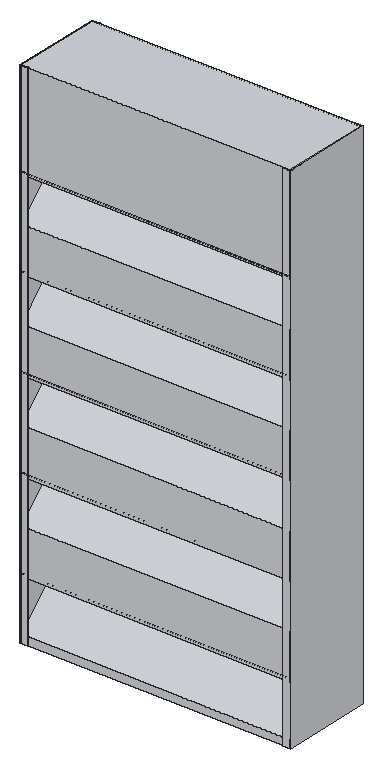
Revit family "XAC-6", category Mechanical Equipment, Revit 2015
Parameters
  URL = "https://unitedenertech.com/catalog/pdf/A_38%20XAC-6,9.pdf"
  Type Comments = "Max. Single Section Size is (48\"w x 120\"h)"
  Model = "XAC-6"
  Manufacturer = "United Enertech Corporation"
  Keynote = "Note: Sill Condition is not indicative of actual product. Sill height flexes to maintain constant spacing on built louvers. Consult Factory for correct specific size models."
  Exact Width = 3' - 0"
  Exact Height = 5' - 9"
  Description = "12\" Deep Acoustical Louver"
  Blade Width [instance] = Exact Width - 0' 0 1/8"  # 2' - 11 7/8"
  Blade Spacing = 1' - 0 5/256"
  Blade Number [instance] = rounddown((Exact Height - 1' 0") / Blade Spacing)  # 4
Reference planes (in)
  plane 1 "Center (Front/Back)": y = 0
  plane 2: z = 0
  plane 3 "Center (Left/Right)": x = 0
  plane 4: x = -18
  plane 5: x = 18
  plane 6: z = 69
  plane 7: x = -17.9522
  plane 8: x = 17.9522
  plane 9: z = 61.77741
Forms (in)
  Extrusion 1, solid
    sketch origin (7.1357, -47.92953, 0) x (0, 1, 0) y (-1, 0, 0)
      loop
        line (47.92953, 24.1357) -> (47.97733, 24.1357) -> (47.97733, 25.0879) -> (59.88173, 25.0879) -> (59.88173, 24.1357) -> (59.92953, 24.1357) -> (59.92953, 25.1357) -> (47.92953, 25.1357) -> (47.92953, 24.1357)
    from 0 to 69
  Extrusion 2, solid
    sketch origin (-7.1357, -47.92953, 0) x (0, 1, 0) y (-1, 0, 0)
      loop
        line (47.92953, -24.1357) -> (47.92953, -25.1357) -> (59.92953, -25.1357) -> (59.92953, -24.1357) -> (59.88173, -24.1357) -> (59.88173, -25.0879) -> (47.97733, -25.0879) -> (47.97733, -24.1357) -> (47.92953, -24.1357)
    from 0 to 69
  Extrusion 3, solid
    sketch origin (45.92953, -47.92953, -9.94897) x (0, 1, 0) y (0, 0, 1)
      loop
        line (59.83393, 10.94897) -> (59.83393, 9.99677) -> (48.02513, 9.99677) -> (48.02513, 10.92917) -> (59.83393, 22.73797) -> (59.83393, 21.85337) -> (59.88173, 21.85337) -> (59.88173, 22.85337) -> (47.97733, 10.94897) -> (47.97733, 9.94897) -> (59.88173, 9.94897) -> (59.88173, 10.94897) -> (59.83393, 10.94897)
    from -63.88173 to -27.97733
  Extrusion 4, solid, material "Steel, S 355"
    sketch origin (45.92953, -43.92953, -9.94897) x (0, 1, 0) y (0, 0, 1)
      loop
        line (55.79803, 22.55426) -> (55.79803, 9.99677) -> (55.83393, 9.99677) -> (55.83393, 22.55426) -> (55.79803, 22.55426)
    from -63.88173 to -27.97733
Dimensions and locks (in)
  equal spacing: plane 4, plane 3 "Center (Left/Right)", plane 5
  "Exact Width": plane 4 to plane 5
  "Exact Height": plane 6 to level
  locked: plane 4 to plane 7 at 0.0478
  locked: plane 8 to plane 5 at 0.0478
  locked: plane 6 to plane 9 at 7.22259
  equal spacing: group 1, group 2, group 3, group 4  (x2)
  equal spacing: group 4, group 3, group 2, group 1
  "Blade Spacing": nested 2 to nested 3
  aligned and locked: level to plane 2
  aligned and locked: plane 6 to Extrusion 2
  aligned and locked: plane 6 to Extrusion 1
  aligned and locked: Extrusion 3 to plane 7
  aligned and locked: Extrusion 4 to plane 7
  aligned and locked: plane 8 to Extrusion 3
  aligned and locked: plane 8 to Extrusion 4
  aligned and locked: plane 6 to nested 1
  aligned and locked: nested 1 to Extrusion 1
  aligned and locked: plane 3 "Center (Left/Right)" to nested 1
  aligned and locked: plane 3 "Center (Left/Right)" to nested 2
  aligned and locked: nested 2 to Extrusion 2
  aligned and locked: plane 9 to nested 2
Automatic sketch dimensions
  level to Extrusion 3 sketch curve = 0' - 0"
  Extrusion 3 sketch curve to plane 1 "Center (Front/Back)" = 0' - 0.0478"
  Extrusion 3 sketch curve to Extrusion 3 sketch curve = 0' - 0.0478"  (x4)
  Extrusion 3 sketch curve to Extrusion 3 sketch curve = 0' - 11.8088"
  level to Extrusion 3 sketch curve = 0' - 1"
  Extrusion 3 sketch curve to Extrusion 3 sketch curve = 0' - 0"
  Extrusion 3 sketch curve to Extrusion 3 sketch curve = 0' - 0.9324"
  Extrusion 3 sketch curve to Extrusion 3 sketch curve = 0' - 0.0198"
  Extrusion 3 sketch curve to Extrusion 3 sketch curve = 0' - 10.9044"
  Extrusion 3 sketch curve to Extrusion 3 sketch curve = 0' - 0.8846"
  Extrusion 3 sketch curve to Extrusion 3 sketch curve = 0' - 0.1154"
  level to Extrusion 4 sketch curve = 0' - 0.0478"
  Extrusion 4 sketch curve to plane 1 "Center (Front/Back)" = 0' - 11.8685"
  Extrusion 4 sketch curve to Extrusion 4 sketch curve = 0' - 0.0359"
  Extrusion 4 sketch curve to Extrusion 4 sketch curve = 1' - 0.55749"
  plane 1 "Center (Front/Back)" to Extrusion 1 sketch curve = 0' - 0"
  Extrusion 1 sketch curve to plane 7 = 0' - 0"
  Extrusion 1 sketch curve to plane 4 = 0' - 0"
  Extrusion 1 sketch curve to plane 1 "Center (Front/Back)" = 0' - 0.0478"
  Extrusion 1 sketch curve to Extrusion 1 sketch curve = 0' - 11.9044"
  Extrusion 1 sketch curve to Extrusion 1 sketch curve = 0' - 0.0478"
  plane 7 to Extrusion 1 sketch curve = 0' - 0.9522"  (x2)
  plane 1 "Center (Front/Back)" to Extrusion 2 sketch curve = 0' - 0"
  Extrusion 2 sketch curve to plane 8 = 0' - 0"
  Extrusion 2 sketch curve to plane 5 = 0' - 0"
  Extrusion 2 sketch curve to Extrusion 2 sketch curve = 0' - 0.0478"  (x2)
  Extrusion 2 sketch curve to Extrusion 2 sketch curve = 0' - 11.9044"
  plane 8 to Extrusion 2 sketch curve = 0' - 0.9522"  (x2)
Nested families (in)
  nested 1: "XAC6Head" at (0, 0.59774, 58.5), type "XAC6Head"
    with Head Width 2' - 11 7/8"
  nested 2: "XAC6Blade" at (0, -0.032, 43.99668), type "XAC6Blade"
    with Blade Width 2' - 11 7/8"
  nested 3: "XAC6Blade" at (0, -0.032, 31.97715), type "XAC6Blade"
    with Blade Width 2' - 11 7/8"
  nested 4: "XAC6Blade" at (0, -0.032, 19.95762), type "XAC6Blade"
    with Blade Width 2' - 11 7/8"
  nested 5: "XAC6Blade" at (0, -0.032, 7.93809), type "XAC6Blade"
    with Blade Width 2' - 11 7/8"
Definition of nested family "XAC6Head"
  Parameters (values of type "XAC6Head")
    Head Width = 2' - 0"
  Reference planes (in)
    plane 1 "Center (Front/Back)": y = 0
    plane 2: z = 0
    plane 3 "Center (Left/Right)": x = 0
    plane 4: x = -12
    plane 5: x = 12
  Forms (in)
    Extrusion 1, solid
      sketch origin (-6.47412, 3.87638, 2.59774) x (0, 1, 0) y (0, 0, 1)
        loop
          line (-3.75301, -4.35868) -> (-4.37852, -4.98419) -> (-4.37852, 7.85446) -> (7.43213, 7.85446) -> (7.43213, 6.82646) -> (6.73903, 6.13336) -> (6.77283, 6.09956) -> (7.47993, 6.80666) -> (7.47993, 7.90226) -> (-4.42632, 7.90226) -> (-4.42632, -5.09959) -> (-3.71921, -4.39248) -> (-3.75301, -4.35868)
      from -5.52588 to 18.47412
    Extrusion 2, solid
      sketch origin (-6.47412, 3.87638, -1.40411) x (0, 1, 0) y (0, 0, 1)
        loop
          line (7.33416, 10.78337) -> (-4.37123, -0.92202) -> (-4.34472, -0.94854) -> (7.36068, 10.75686) -> (7.33416, 10.78337)
      from -5.52588 to 18.47412
  Dimensions and locks (in)
    equal spacing: plane 4, plane 3 "Center (Left/Right)", plane 5
    "Head Width": plane 4 to plane 5
    aligned and locked: level to plane 2
    aligned and locked: plane 4 to Extrusion 1
    aligned and locked: plane 4 to Extrusion 2
    aligned and locked: plane 5 to Extrusion 1
    aligned and locked: plane 5 to Extrusion 2
  Automatic sketch dimensions
    plane 1 "Center (Front/Back)" to Extrusion 2 sketch curve = 0' - 0.49485"
    Extrusion 2 sketch curve to Extrusion 2 sketch curve = 0' - 0.02652"  (x2)
    Extrusion 2 sketch curve to plane 1 "Center (Front/Back)" = 0' - 11.21054"
    Extrusion 2 sketch curve to level = 0' - 2.35265"
    plane 1 "Center (Front/Back)" to Extrusion 1 sketch curve = 0' - 0.54994"
    Extrusion 1 sketch curve to Extrusion 1 sketch curve = 0' - 0.0478"  (x3)
    Extrusion 1 sketch curve to plane 1 "Center (Front/Back)" = 0' - 0.12337"
    Extrusion 1 sketch curve to Extrusion 1 sketch curve = 0' - 0.0338"  (x4)
    level to Extrusion 1 sketch curve = 0' - 8.69729"
    Extrusion 1 sketch curve to Extrusion 1 sketch curve = 0' - 0.69311"
    Extrusion 1 sketch curve to level = 0' - 1.76094"
    Extrusion 1 sketch curve to Extrusion 1 sketch curve = 0' - 1.028"
    Extrusion 1 sketch curve to plane 1 "Center (Front/Back)" = 0' - 10.61541"
Definition of nested family "XAC6Blade"
  Parameters (values of type "XAC6Blade")
    Blade Width = 3' - 0"
  Reference planes (in)
    plane 1 "Center (Front/Back)": y = 0
    plane 2: z = 0
    plane 3 "Center (Left/Right)": x = 0
    plane 4: x = -18
    plane 5: x = 18
  Forms (in)
    Extrusion 1, solid
      sketch origin (8.03922, -10.00722, 1.968) x (0, 1, 0) y (0, 0, 1)
        loop
          line (10.76033, -1.2382) -> (10.13482, -1.86371) -> (10.13482, 4.0115) -> (21.88825, 15.76493) -> (21.94547, 15.76493) -> (21.94547, 9.92714) -> (21.99327, 9.92714) -> (21.99327, 15.81273) -> (21.86845, 15.81273) -> (10.08702, 4.0313) -> (10.08702, -1.97911) -> (10.79413, -1.272) -> (10.76033, -1.2382)
      from -26.03922 to 9.96078
    Extrusion 2, solid
      sketch origin (8.03922, -10.00722, 1.968) x (0, 1, 0) y (0, 0, 1)
        loop
          line (21.90957, 15.65684) -> (21.90957, 9.96181) -> (10.20534, -1.74242) -> (10.23073, -1.7678) -> (21.94547, 9.94694) -> (21.94547, 15.65684) -> (21.90957, 15.65684)
      from -26.03922 to 9.96078
  Dimensions and locks (in)
    equal spacing: plane 4, plane 3 "Center (Left/Right)", plane 5
    "Blade Width": plane 4 to plane 5
    aligned and locked: level to plane 2
    aligned and locked: plane 4 to Extrusion 1
    aligned and locked: plane 4 to Extrusion 2
    aligned and locked: plane 5 to Extrusion 1
    aligned and locked: plane 5 to Extrusion 2
  Automatic sketch dimensions
    Extrusion 1 sketch curve to level = 0' - 0.01111"
    Extrusion 1 sketch curve to plane 1 "Center (Front/Back)" = 0' - 0.0798"
    Extrusion 1 sketch curve to Extrusion 1 sketch curve = 0' - 0.0478"  (x3)
    Extrusion 1 sketch curve to plane 1 "Center (Front/Back)" = 0' - 0.75311"
    Extrusion 1 sketch curve to Extrusion 1 sketch curve = 0' - 0.0338"
    Extrusion 1 sketch curve to plane 1 "Center (Front/Back)" = 0' - 11.86123"
    Extrusion 1 sketch curve to Extrusion 1 sketch curve = 0' - 0.0198"  (x2)
    Extrusion 1 sketch curve to Extrusion 1 sketch curve = 0' - 0.05722"
    level to Extrusion 1 sketch curve = 0' - 0.10429"
    Extrusion 1 sketch curve to Extrusion 1 sketch curve = 0' - 5.2497"
    level to Extrusion 1 sketch curve = 0' - 11.89514"
    Extrusion 1 sketch curve to Extrusion 1 sketch curve = 0' - 5.83778"
    Extrusion 2 sketch curve to plane 1 "Center (Front/Back)" = 0' - 0.19812"
    Extrusion 2 sketch curve to Extrusion 2 sketch curve = 0' - 0.02539"  (x2)
    Extrusion 2 sketch curve to plane 1 "Center (Front/Back)" = 0' - 11 231/256"
    Extrusion 2 sketch curve to Extrusion 2 sketch curve = 0' - 0.0359"
    level to Extrusion 2 sketch curve = 0' - 0.20019"
    Extrusion 2 sketch curve to Extrusion 2 sketch curve = 0' - 5.69503"
